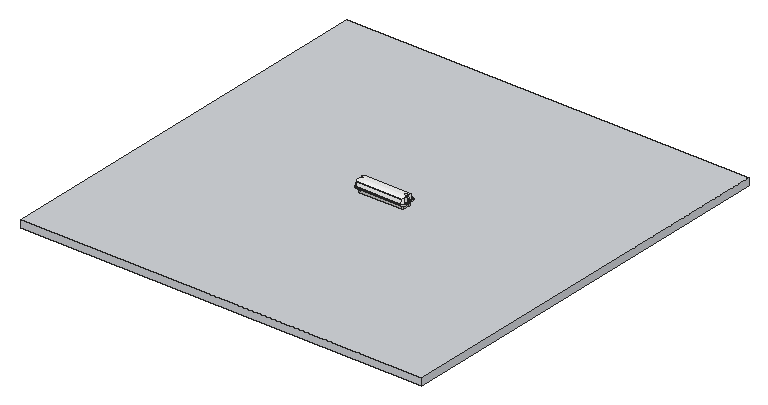
Revit family "Thorn ESCORT", category Lighting Fixtures, host Face, Revit 2016
Family settings
  Host = Face
  Part Type = Normal
  Round Connector Dimension = Use Diameter
  OmniClass Number = 23.80.70.11
  OmniClass Title = Luminaries for Internal Lighting
  Cut with Voids When Loaded = No
  Light Source = Yes
  Shared = No
  Room Calculation Point = No
Parameters (values of type "ESCORT LED I-SLCT")
  Width = 102 mm
  Wattage Comments = ""
  Wattage = 5.38568 W
  built-in parameter 1150110 = 1 (stored number, unit not read)
  Voltage = 230 V
  URL = "www.thornlighting.com/96630598"
  Type Comments = "© Thorn. We reserve the right to make technical changes without prior notice."  # constant formula
  built-in parameter 1114217 = 1 (stored number, unit not read)
  Tilt Angle = -90.00°
  built-in parameter 1150109 = 1 (stored number, unit not read)
  built-in parameter 1150134 = 5
  built-in parameter 1150113 = 1 (stored number, unit not read)
  Photometric Web File = "96630598_(800lm).IES"
  Model = "96630598"
  Manufacturer = "Thorn Lighting"  # constant formula
  built-in parameter 1150105 = 63.662 (stored number, unit not read)
  Lumens = 800 lm
  built-in parameter 1150115 = 1 (stored number, unit not read)
  built-in parameter 1150137 = (empty or 0)
  built-in parameter 1150139 = (empty or 0)
  Length = 352 mm
  built-in parameter 1150112 = 1 (stored number, unit not read)
  built-in parameter 1150114 = 1 (stored number, unit not read)
  Lamp = "LED"
  built-in parameter 1150132 = 2
  built-in parameter 1150102 = (empty or 0)
  built-in parameter 1150107 = 6000 (stored number, unit not read)
  built-in parameter 1150138 = (empty or 0)
  built-in parameter 1150106 = 0.63662 (stored number, unit not read)
  Height = 79 mm
  Emit from Rectangle Width = Length - 20 mm  # 332 mm
  Emit from Rectangle Length = Width  # 102 mm
  Emit Shape Visible in Rendering = no
  built-in parameter 1150104 = 13.8 (stored number, unit not read)
  Dimming Lamp Color Temperature Shift = <None>
  Description = "LED surface mount luminaire"  # constant formula
  Default Elevation = 0 mm
  Cover = Thorn_PMMA_Semitransparent
  Color Filter = 16777215
  Body = Thorn_Metal_Light_Grey
  built-in parameter 1114218 = 1 (stored number, unit not read)
  built-in parameter 1150133 = 10 (stored number, unit not read)
  Assembly Code = "D5020200"
  Apparent Load = 8 VA
Reference planes
  plane 1 "Center (Front/Back)": y = 0
  plane 2 "Top": z = 0
  plane 3 "Center (Left/Right)": x = 399.5
  plane 4: y = 51
  plane 5 "Bottom": y = -51
  plane 6 "Left": x = 223.5
  plane 7 "Right": x = 575.5
  plane 8: z = 79
  plane 9 "Cover": z = 34
  plane 10: z = 39
  plane 11: z = 54
  plane 12: z = 64
Forms (mm)
  Extrusion 1, solid
    sketch origin (0, 0, 0) x (1, 0, 0) y (0, 1, 0)
      loop
        line (-1010.5, 1431.145) -> (-1010.5, -1431.145) -> (1809.5, -1431.145) -> (1809.5, 1431.145) -> (-1010.5, 1431.145)
    from 0 to -52.502
  Extrusion 2, solid, material "Thorn_Metal_Light_Grey" <- "Body"
    sketch origin (0, 0, 34) x (0, 1, 0) y (-1, 0, 0)
      loop
        arc (51, -243.5) -> (45.142, -229.358) -> (31, -223.5) r 20
        line (31, -223.5) -> (-31, -223.5)
        arc (-31, -223.5) -> (-45.142, -229.358) -> (-51, -243.5) r 20
        line (-51, -243.5) -> (-51, -555.5)
        arc (-51, -555.5) -> (-45.142, -569.642) -> (-31, -575.5) r 20
        line (-31, -575.5) -> (31, -575.5)
        arc (31, -575.5) -> (45.142, -569.642) -> (51, -555.5) r 20
        line (51, -555.5) -> (51, -243.5)
    from 0 to 5
  Blend 3, solid, material "Thorn_Metal_Light_Grey" <- "Body"
    base sketch origin (0, 0, 34) x (0, 1, 0) y (-1, 0, 0)
      loop
        arc (31, -253.5) -> (28.071, -246.429) -> (21, -243.5) r 10
        line (21, -243.5) -> (-21, -243.5)
        arc (-21, -243.5) -> (-28.071, -246.429) -> (-31, -253.5) r 10
        line (-31, -253.5) -> (-31, -545.5)
        arc (-31, -545.5) -> (-28.071, -552.571) -> (-21, -555.5) r 10
        line (-21, -555.5) -> (21, -555.5)
        arc (21, -555.5) -> (28.071, -552.571) -> (31, -545.5) r 10
        line (31, -545.5) -> (31, -253.5)
    top sketch origin (0, 0, 34) x (0, 1, 0) y (-1, 0, 0)
      loop
        arc (41, -253.5) -> (35.142, -239.358) -> (21, -233.5) r 20
        line (21, -233.5) -> (-21, -233.5)
        arc (-21, -233.5) -> (-35.142, -239.358) -> (-41, -253.5) r 20
        line (-41, -253.5) -> (-41, -545.5)
        arc (-41, -545.5) -> (-35.142, -559.642) -> (-21, -565.5) r 20
        line (-21, -565.5) -> (21, -565.5)
        arc (21, -565.5) -> (35.142, -559.642) -> (41, -545.5) r 20
        line (41, -545.5) -> (41, -253.5)
    from -34 to 0
  Extrusion 4, void
    sketch origin (0, 0, 34) x (0, 1, 0) y (-1, 0, 0)
      loop
        arc (-10, -243.5) -> (0, -253.5) -> (10, -243.5) r 10
        line (10, -243.5) -> (10, -218.5) -> (-10, -218.5) -> (-10, -243.5)
      loop
        line (-10, -555.5) -> (-10, -580.5) -> (10, -580.5) -> (10, -555.5)
        arc (10, -555.5) -> (0, -545.5) -> (-10, -555.5) r 10
    from 15 to 60
  Blend 5, solid, material "Thorn_PMMA_Semitransparent" <- "Cover"
    base sketch origin (0, -200, 34) x (0, 1, 0) y (-1, 0, 0)
      loop
        arc (246, -243.5) -> (241.607, -232.893) -> (231, -228.5) r 15
        line (231, -228.5) -> (169, -228.5)
        arc (169, -228.5) -> (158.393, -232.893) -> (154, -243.5) r 15
        line (154, -243.5) -> (154, -555.5)
        arc (154, -555.5) -> (158.393, -566.107) -> (169, -570.5) r 15
        line (169, -570.5) -> (231, -570.5)
        arc (231, -570.5) -> (241.607, -566.107) -> (246, -555.5) r 15
        line (246, -555.5) -> (246, -243.5)
    top sketch origin (0, -200, 34) x (0, 1, 0) y (-1, 0, 0)
      loop
        line (241, -555.5) -> (241, -243.5)
        arc (241, -243.5) -> (238.071, -236.429) -> (231, -233.5) r 10
        line (231, -233.5) -> (169, -233.5)
        arc (169, -233.5) -> (161.929, -236.429) -> (159, -243.5) r 10
        line (159, -243.5) -> (159, -555.5)
        arc (159, -555.5) -> (161.929, -562.571) -> (169, -565.5) r 10
        line (169, -565.5) -> (231, -565.5)
        arc (231, -565.5) -> (238.071, -562.571) -> (241, -555.5) r 10
    from 5 to 45
  Extrusion 6, void
    sketch origin (399.5, 0, 0) x (0, 0, -1) y (0, -1, 0)
      loop
        arc (-64, -51) -> (-79, 0) -> (-64, 51) r 94.2
        line (-64, 51) -> (-109, 51) -> (-109, -51) -> (-64, -51)
    from -176 to 176
Cuts and joins
  Extrusion 4, Extrusion 6 cuts Blend 5
Dimensions and locks
  "Height": plane 8 to plane 2 "Top"
  imposter light to plane 12 to plane 11 to plane 10 to plane 9 "Cover" to plane 2 "Top" = 15 mm locked, 10 mm locked, 15 mm locked, 5 mm, 34 mm locked
  aligned and locked: Extrusion 1 to plane 2 "Top"
  aligned and locked: plane 8 to imposter light
  aligned and locked: plane 10 to Extrusion 2
  aligned and locked: Extrusion 2 to plane 9 "Cover"
  aligned and locked: Blend 3 to plane 2 "Top"
  aligned and locked: plane 9 "Cover" to Blend 3
Automatic sketch dimensions
  Extrusion 1 sketch curve to Extrusion 1 sketch curve = 2820 mm
  Extrusion 1 sketch curve to Extrusion 1 sketch curve = 2862.29 mm
  plane 5 "Bottom" to Extrusion 2 sketch curve = 0 mm
  Extrusion 2 sketch curve to plane 7 "Right" = 0 mm
  Extrusion 2 sketch curve to plane 6 "Left" = 0 mm
  Extrusion 2 sketch curve to plane 4 = 0 mm
  Blend 3 sketch curve to plane 5 "Bottom" = 20 mm
  Blend 3 sketch curve to Blend 3 sketch curve = 10 mm  (x3)
  Blend 3 sketch curve to plane 1 "Center (Front/Back)" = 21 mm  (x4)
  Blend 3 sketch curve to plane 5 "Bottom" = 10 mm
  plane 7 "Right" to Blend 3 sketch curve = 10 mm
  plane 1 "Center (Front/Back)" to Blend 3 sketch curve = 21 mm  (x2)
  plane 6 "Left" to Blend 3 sketch curve = 10 mm
  plane 1 "Center (Front/Back)" to Extrusion 4 sketch curve = 0 mm  (x2)
  plane 1 "Center (Front/Back)" to Extrusion 4 sketch curve = 10 mm  (x2)
  Extrusion 4 sketch curve to plane 7 "Right" = 5 mm
  Extrusion 4 sketch curve to plane 6 "Left" = 5 mm
  Blend 5 sketch curve to plane 5 "Bottom" = 5 mm
  plane 6 "Left" to Blend 5 sketch curve = 5 mm
  plane 7 "Right" to Blend 5 sketch curve = 5 mm
  Blend 5 sketch curve to plane 4 = 20 mm  (x4)
  Blend 5 sketch curve to plane 5 "Bottom" = 10 mm
  Blend 5 sketch curve to Blend 5 sketch curve = 10 mm  (x2)
  plane 6 "Left" to Blend 5 sketch curve = 10 mm
  Extrusion 6 sketch curve to plane 4 = 0 mm
  Extrusion 6 sketch curve to plane 5 "Bottom" = 0 mm
  plane 12 to Extrusion 6 sketch curve = 0 mm  (x2)
  plane 8 to Extrusion 6 sketch curve = 30 mm
  Extrusion 6 sketch curve to level = 15.2 mm
  Extrusion 2 sketch curve to plane 5 "Bottom" = 20 mm  (x2)
  Extrusion 2 sketch curve to plane 4 = 20 mm  (x2)
  plane 6 "Left" to Blend 3 sketch curve = 30 mm
  plane 6 "Left" to Extrusion 4 sketch curve = 20 mm
  Extrusion 4 sketch curve to Extrusion 4 sketch curve = 0 mm
  Blend 5 sketch curve to plane 5 "Bottom" = 20 mm  (x2)
  plane 7 "Right" to Blend 3 sketch curve = 30 mm
  Blend 3 sketch curve to plane 4 = 10 mm
  plane 7 "Right" to Extrusion 4 sketch curve = 20 mm
  Blend 5 sketch curve to plane 4 = 5 mm
  Blend 5 sketch curve to plane 4 = 10 mm
  plane 7 "Right" to Blend 5 sketch curve = 20 mm
Connectors
  electrical at (399.5, 0, 0), driven by "Voltage", driven by "Apparent Load"
    settings: on Blend 3, index 1, voltage 230 V, apparent load 8 VA, apparent load phase1 0 VA, apparent load phase2 0 VA, apparent load phase3 0 VA, power factor 1, load classification "Other", number of poles 1, system type 30, power factor state 1, is connector primary yes, connector utility no, sub classification motor no, connector description "Power"
